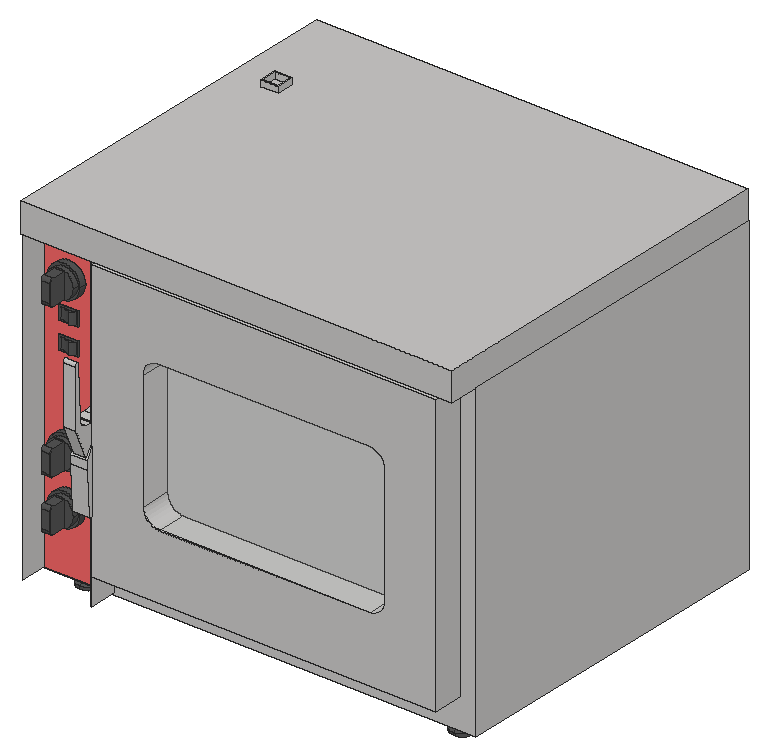
Revit family "ADB Ovens 706CT", category Equipement spécialisé, Revit 2022
Family settings
  Cote de connecteur circulaire = Utiliser le diamètre
  Type d'élément = Normal
  Numéro OmniClass = 23.40.40.14.17.11
  Titre OmniClass = Cookers, Ovens, Stoves
  Basée sur le plan de construction = Non
  Toujours verticalement = Oui
  Couper avec des vides une fois chargée = Non
  Conserver l'orientation des annotations = Non
  Partagée = Non
  Repère de localisation dans la pièce = Non
Parameters (values of type "CFE 706 CT")
  URL Cutsheet = "https://www.ambassade-de-bourgogne.com/fr/produits/fours/Resources/CFE-706-CT.pdf"
  URL = "https://www.ambassade-de-bourgogne.com/fr/produits/fours/Resources/CFE-706-CT.pdf"
  Plumbing Connection Type [instance] = if(Humidifier HU 706, "21/15", "")  # ""
  Electric Connection Type [instance] = "Bornier 40A"  # constant formula
  Item Number = ""
  Volts [instance] = 230 V  # constant formula
  Clearences [instance] = yes
  Base support SF 706 [instance] = no
  Specification by Manufacturer = ""
  Sans option [instance] = not(SF500)  # yes
  SF500 [instance] = or(Base support SF 706, [Shelves ECH700 + base support SF706])  # no
  Electrical Remarks [instance] = "230V(MONO) ou 400V(TRI)ou 400V(TRI sans neutre)"  # constant formula
  Electric power [instance] = 6000 W + if(Electric grill SG 706, 2850 W, 0 W)  # 6000 W
  Depth [instance] = 752 mm  # constant formula
  Porte standard [instance] = not(Door hinges inversion option)  # yes
  Humidifier HU 706 [instance] = no
  Electric grill SG 706 = no
  Encombrement Porte standard [instance] = and(Clearences, not(Door hinges inversion option))  # yes
  Door hinges inversion option [instance] = no
  Weight [instance] = 76.00 kg + if(or(Base support SF 706, [Shelves ECH700 + base support SF706]), 15.00 kg, 0.00 kg)  # 76.00 kg
  Phase [instance] = 1  # constant formula
  Number of Poles [instance] = Phase  # 1
  Modèle = "CFE 706 CT"
  Length [instance] = 750 mm  # constant formula
  Operational Current [instance] = Electric power / (Volts * sqrt(Phase))  # 26.087 A
  Ht Four = 639 mm  # constant formula
  Height [instance] = if(SF500, 1517 mm, 639 mm)  # 639 mm
  Cycle [instance] = 50 Hz  # constant formula
  Fabricant = "Société Industrielle de Lacanche"  # constant formula
  Encombrement Porte inversée [instance] = and(Clearences, Door hinges inversion option)  # no
  Default Elevation = 0 mm
  Shelves ECH700 + base support SF706 [instance] = no
  Décalage porte [instance] = if(Door hinges inversion option, 26 mm, 126 mm)  # 126 mm
  Décalage poignée [instance] = if(Door hinges inversion option, 654 mm, 126 mm)  # 126 mm
  Décalage commandes [instance] = if(Door hinges inversion option, Length, 121 mm)  # 121 mm
  Décalage boutons [instance] = if(Door hinges inversion option, 46.5 mm, 75 mm)  # 75 mm
  Cold Water Size [instance] = if(Humidifier HU 706, 21 mm, 0 mm)  # 0 mm
  Description = ""
  Connectors [instance] = yes
  Type Comments = ""
Reference planes
  plane 1 "Centre (avant/arrière)": y = 0
  plane 2: z = 0
  plane 3 "Centre (gauche/droite)": x = 0
  plane 4 "dessus": z = 639
  plane 5 "gauche": x = -375
  plane 6 "droite": x = 375
  plane 7 "avant": y = -376
  plane 8 "arrière": y = 376
  plane 9 "Bas Four": z = 0
  plane 10 "COMMANDE": x = -254
  plane 11: z = 22.5
  plane 12 "Elec X": x = -280
  plane 13 "ElecZ": z = 297
  plane 14 "pieds": x = -311
  plane 15 "Poignée": x = -249
  plane 16 "Boutons": x = -329
Forms (mm)
  Revolve 1, solid, material "ADB_Plastic-Black", visible <- "SF500", detail levels medium+fine
    sketch origin (2.85, -239, 0) x (-1, 0, 0) y (0, 0, -1)
      loop
        line (-308.15, -34) -> (-308.15, 0) -> (-337.65, 0) -> (-337.65, -5) -> (-334.277, -5)
        arc (-334.277, -5) -> (-330.265, -6.403) -> (-328, -10) r 6.44
        line (-328, -10) -> (-328, -22) -> (-332, -22) -> (-338.176, -28.176) -> (-338.3, -34) -> (-308.15, -34)
      axis (-308.15, -34) -> (-308.15, 0)
    angle from 0 to 360
  Extrusion 2, solid, material "ADB_Stainless Steel-Polished", visible <- "SF500", detail levels medium+fine
    sketch origin (0, 0, 0) x (1, 0, 0) y (0, 1, 0)
      loop
        circle (311, -239) r 30.15
      loop
        circle (311, 241.07) r 30.15
      loop
        circle (-311, -239.07) r 30.15
      loop
        circle (-311, 241) r 30.15
    from 34 to 894
  Extrusion 3, solid, material "ADB_Stainless Steel-Polished", visible <- "SF500", detail levels medium+fine
    sketch origin (0, 0, 0) x (1, 0, 0) y (0, 1, 0)
      loop
        line (309.757, -239) -> (310.442, 241.032) -> (-310.356, 240.367) -> (-311.043, -239) -> (309.757, -239)
    from 157.2 to 193.2
  Extrusion 4, solid, material "ADB_Stainless Steel-Polished", visible <- "SF500", detail levels medium+fine
    sketch origin (0, 0, 0) x (1, 0, 0) y (0, 1, 0)
      loop
        line (-311, 253.5) -> (-311, -251.5) -> (311, -251.5) -> (311, 253.5) -> (-311, 253.5)
    from 856 to 895.012
  Revolve 5, solid, material "ADB_Plastic-Black", visible <- "Sans option", detail levels medium+fine
    sketch origin (325, -65.5, 0) x (0, 1, 0) y (0, 0, 1)
      loop
        line (-200, 16.5) -> (-200, 11.5) -> (-201.75, 11.5) -> (-201.75, 9.2) -> (-210.5, 4) -> (-210.5, 0) -> (-190.5, 0) -> (-190.5, 22.5) -> (-194.5, 22.5) -> (-194.5, 16.5) -> (-200, 16.5)
      axis (-190.5, 0) -> (-190.5, 22.5)
    angle from 0 to 360
  Extrusion 6, solid, material "ADB_Stainless Steel-Polished", detail levels medium+fine
    sketch origin (375, 0, 0) x (0, 1, 0) y (0, 0, 1)
      loop
        line (300.963, 22.5) -> (300.963, 565.5) -> (-292, 565.5) -> (-292, 22.5) -> (300.963, 22.5)
    from -749 to 1
  Extrusion 7, solid, material "ADB_Stainless Steel-Polished", detail levels medium+fine
    sketch origin (375, 0, 0) x (0, 1, 0) y (0, 0, 1)
      loop
        line (-343, 615.5) -> (-343, 565.5) -> (301, 565.5) -> (301, 615.5) -> (-343, 615.5)
    from 0 to -750
  Extrusion 8, solid, material "ADB_Stainless Steel-Polished", detail levels medium+fine
    sketch origin (0, -376, 0) x (-1, 0, 0) y (0, 0, 1)
      loop
        line (249, 560.5) -> (-349, 560.5) -> (-349, 75.5) -> (249, 75.5) -> (249, 560.5)
      loop
        arc (-232.8, 448.089) -> (-252.033, 440.122) -> (-260, 420.889) r 27.2
        line (-260, 420.889) -> (-260, 215.482)
        arc (-260, 215.482) -> (-252.033, 196.249) -> (-232.8, 188.282) r 27.2
        line (-232.8, 188.282) -> (132.936, 188.282)
        arc (132.936, 188.282) -> (152.194, 196.259) -> (160.171, 215.518) r 27.235
        line (160.171, 215.518) -> (160.171, 420.778)
        arc (160.171, 420.778) -> (152.172, 440.09) -> (132.861, 448.089) r 27.311
        line (132.861, 448.089) -> (-232.8, 448.089)
    from 32 to 84
  Extrusion 9, solid, material "ADB_Stainless Steel-Polished", detail levels medium+fine
    sketch origin (-249, 0, 115) x (0, 0, -1) y (0, -1, 0)
      loop
        line (-129.5, 353.5) -> (-144.5, 353.5) -> (-168.309, 340) -> (-198.309, 340) -> (-199.477, 322.486) -> (-200, 312.5) -> (-49.5, 312.5) -> (-50.023, 322.486) -> (-54.5, 348.5) -> (-129.5, 353.5)
    from 0 to 30
  Extrusion 10, solid, material "ADB_Stainless Steel-Polished", detail levels medium+fine
    sketch origin (-249, 0, 115) x (0, 0, -1) y (0, -1, 0)
      loop
        line (-198.5, 375.028) -> (-298.5, 375.028)
        arc (-298.5, 375.028) -> (-302.405, 373.199) -> (-303.5, 369.028) r 5.083
        line (-303.5, 369.028) -> (-212.553, 365.852)
        arc (-212.553, 365.852) -> (-202.751, 361.742) -> (-198.133, 352.169) r 15
        line (-198.133, 352.169) -> (-197.069, 340) -> (-168.309, 340) -> (-147.094, 352.029) -> (-198.5, 375.028)
    from 4.5 to 25.5
  Extrusion 11, solid, material "ADB_Network_Electricity_Yellow", visible <- "Connectors", detail levels medium+fine
    sketch origin (235.887, 300.963, 565.5) x (0, 0, -1) y (-1, 0, 0)
      loop
        circle (268.5, 515.887) r 10
    from 0 to 10
  Extrusion 12, solid, detail levels coarse
    sketch origin (0, 0, 0) x (1, 0, 0) y (0, 1, 0)
      loop
        line (-375, 376) -> (-375, -376) -> (375, -376) -> (375, 376) -> (-375, 376)
    from 0 to 639 <- "Height"
  Revolve 13, solid, material "ADB_Plastic-Black", visible <- "SF500", detail levels medium+fine
    sketch origin (2.85, 241.07, 0) x (-1, 0, 0) y (0, 0, -1)
      loop
        line (-308.15, -34) -> (-308.15, 0) -> (-337.65, 0) -> (-337.65, -5) -> (-334.277, -5)
        arc (-334.277, -5) -> (-330.265, -6.403) -> (-328, -10) r 6.44
        line (-328, -10) -> (-328, -22) -> (-332, -22) -> (-338.176, -28.176) -> (-338.3, -34) -> (-308.15, -34)
      axis (-308.15, -34) -> (-308.15, 0)
    angle from 0 to 360
  Revolve 14, solid, material "ADB_Plastic-Black", visible <- "Sans option", detail levels medium+fine
    sketch origin (325, 361.5, 0) x (0, 1, 0) y (0, 0, 1)
      loop
        line (-127, 16.5) -> (-127, 11.5) -> (-128.75, 11.5) -> (-128.75, 9.2) -> (-137.5, 4) -> (-137.5, 0) -> (-117.5, 0) -> (-117.5, 22.5) -> (-121.5, 22.5) -> (-121.5, 16.5) -> (-127, 16.5)
      axis (-117.5, 0) -> (-117.5, 22.5)
    angle from 0 to 360
  Revolve 15, solid, material "ADB_Plastic-Black", visible <- "Sans option", detail levels medium+fine
    sketch origin (-324.875, -65.5, 0) x (0, 1, 0) y (0, 0, -1)
      loop
        line (-200, -16.5) -> (-194.5, -16.5) -> (-194.5, -22.5) -> (-190.5, -22.5) -> (-190.5, 0) -> (-210.5, 0) -> (-210.5, -4) -> (-201.75, -9.2) -> (-201.75, -11.5) -> (-200, -11.5) -> (-200, -16.5)
      axis (-190.5, 0) -> (-190.5, -22.5)
    angle from 0 to 360
  Revolve 16, solid, material "ADB_Plastic-Black", visible <- "Sans option", detail levels medium+fine
    sketch origin (-324.875, 361.5, 0) x (0, 1, 0) y (0, 0, -1)
      loop
        line (-127, -16.5) -> (-121.5, -16.5) -> (-121.5, -22.5) -> (-117.5, -22.5) -> (-117.5, 0) -> (-137.5, 0) -> (-137.5, -4) -> (-128.75, -9.2) -> (-128.75, -11.5) -> (-127, -11.5) -> (-127, -16.5)
      axis (-117.5, 0) -> (-117.5, -22.5)
    angle from 0 to 360
  Extrusion 17, solid, material "ADB_Stainless Steel-Polished", detail levels medium+fine
    sketch origin (0, 0, 0) x (-1, 0, 0) y (0, -1, 0)
      loop
        line (374, 292) -> (374, 339.8) -> (372.5, 339.8) -> (372.5, 294.5) -> (255.5, 294.5) -> (255.5, 339.8) -> (254, 339.8) -> (254, 292) -> (374, 292)
    from 25.5 to 565.561
  Extrusion 18, solid, material "ADB_Plastic-Black", detail levels fine
    sketch origin (-20, 0, 0) x (-1, 0, 0) y (0, -1, 0)
      loop
        line (292.526, 296.5) -> (292.526, 294.5) -> (324.526, 294.5) -> (324.526, 296.5) -> (292.526, 296.5)
    from 421 to 446
  Extrusion 19, solid, material "ADB_Plastic-Black", detail levels fine
    sketch origin (-20, 0, 0) x (-1, 0, 0) y (0, -1, 0)
      loop
        arc (321.026, 296.5) -> (310.901, 298.311) -> (302.03, 303.518) r 29.216
        arc (302.03, 303.518) -> (298.371, 300.571) -> (296.026, 296.5) r 12.769
        line (296.026, 296.5) -> (321.026, 296.5)
    from 424 to 443
  Extrusion 20, solid, material "ADB_Glass-Transparent", detail levels medium+fine
    sketch origin (0, -376, 0) x (-1, 0, 0) y (0, 0, 1)
      loop
        arc (-232.8, 448.089) -> (-252.033, 440.122) -> (-260, 420.889) r 27.2
        line (-260, 420.889) -> (-260, 215.482)
        arc (-260, 215.482) -> (-252.033, 196.249) -> (-232.8, 188.282) r 27.2
        line (-232.8, 188.282) -> (132.971, 188.282)
        arc (132.971, 188.282) -> (152.205, 196.249) -> (160.171, 215.482) r 27.2
        line (160.171, 215.482) -> (160.171, 420.889)
        arc (160.171, 420.889) -> (152.205, 440.122) -> (132.971, 448.089) r 27.2
        line (132.971, 448.089) -> (-232.8, 448.089)
    from 33 to 84
  Revolve 21, solid, material "ADB_Plastic-Black", detail levels medium+fine
    sketch origin (-311, 479.933, 0) x (0, 1, 0) y (0, 0, 1)
      loop
        line (-239, 34) -> (-239, 0) -> (-209.567, 0) -> (-209.567, 5) -> (-212.94, 5)
        arc (-212.94, 5) -> (-216.953, 6.403) -> (-219.217, 10) r 6.44
        line (-219.217, 10) -> (-219.217, 22) -> (-215.217, 22) -> (-209.041, 28.176) -> (-208.917, 34) -> (-239, 34)
      axis (-239, 34) -> (-239, 0)
    angle from 0 to 360
  Revolve 22, solid, material "ADB_Plastic-Black", detail levels medium+fine
    sketch origin (-311, -0.137, 0) x (0, 1, 0) y (0, 0, 1)
      loop
        line (-239, 34) -> (-239, 0) -> (-209.567, 0) -> (-209.567, 5) -> (-212.94, 5)
        arc (-212.94, 5) -> (-216.953, 6.403) -> (-219.217, 10) r 6.44
        line (-219.217, 10) -> (-219.217, 22) -> (-215.217, 22) -> (-209.041, 28.176) -> (-208.917, 34) -> (-239, 34)
      axis (-239, 34) -> (-239, 0)
    angle from 0 to 360
  Extrusion 23, solid, material "ADB_Stainless Steel-Polished", visible <- "Porte standard", detail levels medium+fine
    sketch origin (0, 0, 639) x (0, -1, 0) y (1, 0, 0)
      loop
        line (-140, -318.5) -> (-110, -318.5) -> (-110, -288.5) -> (-140, -288.5) -> (-140, -318.5)
      loop
        line (-138.5, -317) -> (-111.5, -317) -> (-111.5, -290) -> (-138.5, -290) -> (-138.5, -317)
    from -23.5 to -13
  Extrusion 24, solid, material "ADB_Plastic-Black", detail levels fine
    sketch origin (0, 0, 0) x (-1, 0, 0) y (0, -1, 0)
      loop
        line (312.526, 296.5) -> (312.526, 294.5) -> (344.526, 294.5) -> (344.526, 296.5) -> (312.526, 296.5)
    from 374 to 399
  Extrusion 25, solid, material "ADB_Plastic-Black", detail levels fine
    sketch origin (0, 0, 0) x (-1, 0, 0) y (0, -1, 0)
      loop
        arc (341.026, 296.5) -> (330.901, 298.311) -> (322.03, 303.518) r 29.216
        arc (322.03, 303.518) -> (318.371, 300.571) -> (316.026, 296.5) r 12.769
        line (316.026, 296.5) -> (341.026, 296.5)
    from 377 to 396
  Sweep 26, solid, material "ADB_Stainless Steel-Polished", visible <- "Shelves ECH700 + base support SF706", detail levels medium+fine
    path origin (0, -265.559, 0) x (1, 0, 0) y (0, 0, 1)
      loop
        line (-166.5, 14.057) -> (-166.5, -488.75)
        arc (-166.5, -488.75) -> (-158.812, -507.312) -> (-140.25, -515) r 26.25
        line (-140.25, -515) -> (140.25, -515)
        arc (140.25, -515) -> (158.812, -507.312) -> (166.5, -488.75) r 26.25
        line (166.5, -488.75) -> (166.5, 14)
    profile origin (-166.5, -265.559, -237.346) x (0, -1, 0) y (1, 0, 0)
      loop
        circle (0, -10.5) r 10.5
  Sweep 27, solid, material "ADB_Stainless Steel-Polished", visible <- "Shelves ECH700 + base support SF706", detail levels medium+fine
    path origin (0, 267.503, 0) x (1, 0, 0) y (0, 0, 1)
      loop
        line (-166, 14.057) -> (-166, -488.75)
        arc (-166, -488.75) -> (-158.312, -507.312) -> (-139.75, -515) r 26.25
        line (-139.75, -515) -> (140.25, -515)
        arc (140.25, -515) -> (158.812, -507.312) -> (166.5, -488.75) r 26.25
        line (166.5, -488.75) -> (166.5, 14)
    profile origin (-166, 267.503, -237.346) x (0, -1, 0) y (1, 0, 0)
      loop
        circle (0, -10.5) r 10.5
  Extrusion 28, solid, material "ADB_Stainless Steel-Polished", visible <- "Door hinges inversion option", detail levels medium+fine
    sketch origin (0, 0, 639) x (0, 1, 0) y (-1, 0, 0)
      loop
        line (140, -318.5) -> (140, -288.5) -> (110, -288.5) -> (110, -318.5) -> (140, -318.5)
      loop
        line (138.5, -317) -> (138.5, -290) -> (111.5, -290) -> (111.5, -317) -> (138.5, -317)
    from -23.5 to -13
  Extrusion 29, solid, material "ADB_Stainless Steel-Polished", visible <- "Porte standard", detail levels medium+fine
    sketch origin (0, 0, 639) x (0, -1, 0) y (1, 0, 0)
      loop
        line (-376, 159) -> (-376, -58.998) -> (-300.963, -58.998) -> (-300.963, 159) -> (-376, 159)
    from -566.2 to -227.8
  Extrusion 30, solid, material "ADB_Stainless Steel-Polished", visible <- "Door hinges inversion option", detail levels medium+fine
    sketch origin (0, 0, 639) x (0, 1, 0) y (-1, 0, 0)
      loop
        line (376, 159) -> (300.963, 159) -> (300.963, -58.998) -> (376, -58.998) -> (376, 159)
    from -566.2 to -227.8
  Extrusion 31, solid, material "ADB_Network_Cold_water_Blue", visible <- "Humidifier HU 706", detail levels medium+fine
    sketch origin (375, 300.963, 565.5) x (0, 0, -1) y (-1, 0, 0)
      loop
        circle (103.5, 684) r 10.5
    from 0 to 10
Cuts and joins
  joined: Extrusion 2, Extrusion 3, Extrusion 4
Lines and regions (mm)
  symbolic lines, style "SpecialityEquipmentHiddenLines", visible <- "Encombrement Porte standard"
    curve 1: line (349, -342, 0) -> (349, -940, 0)
    curve 2: arc (349, -940, 0) -> (-73.85, -764.85, 0) -> (-249, -342, 0) r 598
  symbolic lines, style "SpecialityEquipmentHiddenLines", visible <- "Encombrement Porte inversée"
    curve 3: line (-349, -344, 639) -> (-349, -942, 639)
    curve 4: arc (-349, -942, 639) -> (73.85, -766.85, 639) -> (249, -344, 639) r 598
Dimensions and locks
  "Height": plane 4 "dessus" to plane 2
  equal spacing: plane 5 "gauche", plane 3 "Centre (gauche/droite)", plane 6 "droite"
  "Length": plane 5 "gauche" to plane 6 "droite"
  equal spacing: plane 8 "arrière", plane 1 "Centre (avant/arrière)", plane 7 "avant"
  "Depth": plane 8 "arrière" to plane 7 "avant"
  "Ht Four": plane 4 "dessus" to plane 9 "Bas Four"
  locked: Extrusion 6 to plane 5 "gauche" at 1
  "Décalage porte": Extrusion 8 sketch curve to plane 5 "gauche"
  "Décalage commandes": plane 10 "COMMANDE" to plane 5 "gauche"
  locked: plane 9 "Bas Four" to plane 11 at 22.5
  locked: plane 6 "droite" to plane 12 "Elec X" at 655
  locked: plane 9 "Bas Four" to plane 13 "ElecZ" at 297
  Extrusion 17 sketch curve to Extrusion 17 sketch curve to plane 10 "COMMANDE" = 1.5 mm locked, 118.5 mm
  locked: Extrusion 8 sketch curve to Extrusion 8 sketch curve at 88.829
  Extrusion 8 sketch curve to Extrusion 8 sketch curve to Extrusion 8 sketch curve = 420.171 mm locked, 89 mm locked
  Revolve 1 sketch curve to Revolve 1 sketch curve to Revolve 1 sketch curve to Revolve 1 sketch curve to plane 2 = 5.824 mm locked, 6.176 mm locked, 12 mm locked, 10 mm locked
  Revolve 13 sketch curve to Revolve 13 sketch curve to Revolve 13 sketch curve to Revolve 13 sketch curve to plane 2 = 5.824 mm locked, 6.176 mm locked, 12 mm locked, 10 mm locked
  locked: plane 5 "gauche" to plane 14 "pieds" at 64
  "Décalage poignée": plane 15 "Poignée" to plane 5 "gauche"
  Extrusion 18 sketch curve to plane 16 "Boutons" to Extrusion 18 sketch curve = 15.526 mm locked, 16.474 mm locked
  Extrusion 19 sketch curve to plane 16 "Boutons" to Extrusion 19 sketch curve to Extrusion 19 sketch curve = 12.026 mm locked, 6.97 mm locked, 6.005 mm locked
  locked: Extrusion 8 to Extrusion 20 sketch curve at 88.829
  locked: Extrusion 20 sketch curve to Extrusion 20 sketch curve at 420.171
  Extrusion 24 sketch curve to plane 16 "Boutons" to Extrusion 24 sketch curve = 15.526 mm locked, 16.474 mm locked
  Extrusion 25 sketch curve to plane 16 "Boutons" to Extrusion 25 sketch curve to Extrusion 25 sketch curve = 12.026 mm locked, 6.97 mm locked, 6.005 mm locked
  "Décalage boutons": plane 10 "COMMANDE" to plane 16 "Boutons"
  plane 5 "gauche" to Extrusion 23 sketch curve to Extrusion 23 sketch curve = 56.5 mm locked, 30 mm locked
  Extrusion 28 sketch curve to Extrusion 28 sketch curve to plane 6 "droite" = 30 mm locked, 56.5 mm locked
  Sweep 26 sketch curve to plane 9 "Bas Four" to Sweep 26 sketch curve = 14.057 mm locked, 515 mm locked
  locked: Sweep 26 sketch curve to plane 9 "Bas Four" at 14
  Sweep 27 sketch curve to plane 9 "Bas Four" to Sweep 27 sketch curve = 14.057 mm locked, 515 mm locked
  locked: Sweep 27 sketch curve to plane 9 "Bas Four" at 14
  Sweep 26 sketch curve to plane 3 "Centre (gauche/droite)" to Sweep 26 sketch curve = 166.5 mm locked, 166.5 mm locked
  Sweep 27 sketch curve to plane 3 "Centre (gauche/droite)" to Sweep 27 sketch curve = 166.5 mm locked, 166 mm locked
  Extrusion 8 sketch curve to Extrusion 8 sketch curve to plane 11 = 259.806 mm locked, 165.782 mm locked
  Extrusion 20 sketch curve to Extrusion 20 sketch curve to plane 11 = 259.806 mm locked, 165.782 mm locked
  locked: plane 6 "droite" to Extrusion 31 sketch curve at 684
  locked: plane 9 "Bas Four" to Extrusion 31 sketch curve at 462
  Extrusion 29 sketch curve to plane 3 "Centre (gauche/droite)" to Extrusion 29 sketch curve = 58.998 mm locked, 159 mm locked
  Extrusion 30 sketch curve to plane 3 "Centre (gauche/droite)" to Extrusion 30 sketch curve = 159 mm locked, 58.998 mm locked
  radius of Extrusion 8 sketch curve = 27.2 mm  (x2)
  radius of Extrusion 8 sketch curve = 27.311 mm
  radius of Extrusion 8 sketch curve = 27.235 mm
  radius of Extrusion 19 sketch curve = 29.216 mm
  radius of Extrusion 19 sketch curve = 12.769 mm
  radius of Extrusion 20 sketch curve = 27.2 mm  (x4)
  radius of Extrusion 25 sketch curve = 29.216 mm
  radius of Extrusion 25 sketch curve = 12.769 mm
  aligned and locked: level to plane 2
  aligned and locked: Extrusion 7 to plane 5 "gauche"
  aligned and locked: Extrusion 11 to plane 12 "Elec X"
  aligned and locked: Extrusion 11 sketch curve to plane 13 "ElecZ"
  aligned and locked: Extrusion 11 sketch curve to plane 12 "Elec X"
  aligned and locked: Extrusion 8 to curve 2
  aligned and locked: nested 2 to plane 16 "Boutons"
  aligned and locked: nested 3 to plane 16 "Boutons"
  aligned and locked: nested 4 to plane 16 "Boutons"
Automatic sketch dimensions
  Revolve 1 sketch curve to level = 0 mm  (x2)
  Revolve 1 sketch curve to plane 6 "droite" = 33.85 mm
  Revolve 1 sketch curve to Revolve 1 sketch curve = 0.124 mm
  level to Revolve 1 sketch curve = 5 mm
  Revolve 1 sketch curve to Revolve 1 sketch curve = 0.526 mm
  Revolve 1 sketch curve to Revolve 1 sketch curve = 3.373 mm
  Revolve 1 sketch curve to Revolve 1 sketch curve = 6.176 mm
  Revolve 1 sketch curve to Revolve 1 sketch curve = 4 mm
  Revolve 1 sketch curve to Revolve 1 sketch curve = 19.85 mm
  Revolve 1 sketch curve to Revolve 1 sketch curve = 0 mm  (x2)
  Extrusion 2 sketch curve to Extrusion 2 sketch curve = 0 mm  (x4)
  Extrusion 2 sketch curve to plane 14 "pieds" = 0 mm  (x2)
  Extrusion 2 sketch curve to plane 6 "droite" = 64 mm  (x2)
  plane 7 "avant" to Extrusion 2 sketch curve = 136.93 mm
  plane 7 "avant" to Extrusion 2 sketch curve = 137 mm
  Extrusion 2 sketch curve to plane 8 "arrière" = 135 mm
  Extrusion 2 sketch curve to plane 8 "arrière" = 134.93 mm
  Extrusion 2 sketch curve to Extrusion 2 sketch curve = 30.15 mm  (x2)
  Extrusion 3 sketch curve to plane 14 "pieds" = 0.043 mm
  plane 14 "pieds" to Extrusion 3 sketch curve = 0.644 mm
  Extrusion 3 sketch curve to plane 6 "droite" = 65.243 mm
  Extrusion 3 sketch curve to plane 6 "droite" = 64.558 mm
  plane 7 "avant" to Extrusion 3 sketch curve = 137 mm
  Extrusion 3 sketch curve to plane 8 "arrière" = 135.633 mm
  Extrusion 3 sketch curve to plane 8 "arrière" = 134.968 mm
  plane 14 "pieds" to Extrusion 4 sketch curve = 0 mm
  Extrusion 4 sketch curve to plane 6 "droite" = 64 mm
  plane 7 "avant" to Extrusion 4 sketch curve = 124.5 mm
  Extrusion 4 sketch curve to plane 8 "arrière" = 122.5 mm
  level to Revolve 5 sketch curve = 0 mm
  plane 7 "avant" to Revolve 5 sketch curve = 100 mm
  Revolve 5 sketch curve to Revolve 5 sketch curve = 8.75 mm
  Revolve 5 sketch curve to Revolve 5 sketch curve = 1.75 mm
  Revolve 5 sketch curve to plane 11 = 0 mm
  Revolve 5 sketch curve to Revolve 5 sketch curve = 5.5 mm
  Revolve 5 sketch curve to Revolve 5 sketch curve = 4 mm  (x2)
  level to Revolve 5 sketch curve = 9.2 mm
  Revolve 5 sketch curve to Revolve 5 sketch curve = 2.3 mm
  Revolve 5 sketch curve to Revolve 5 sketch curve = 5 mm
  Revolve 5 sketch curve to Revolve 5 sketch curve = 0 mm  (x3)
  plane 11 to Extrusion 6 sketch curve = 0 mm
  plane 7 "avant" to Extrusion 6 sketch curve = 84 mm
  Extrusion 6 sketch curve to plane 8 "arrière" = 75.037 mm
  plane 4 "dessus" to Extrusion 6 sketch curve = 73.5 mm
  plane 7 "avant" to Extrusion 7 sketch curve = 33 mm
  Extrusion 7 sketch curve to plane 8 "arrière" = 75 mm
  plane 4 "dessus" to Extrusion 7 sketch curve = 73.5 mm
  plane 4 "dessus" to Extrusion 7 sketch curve = 23.5 mm
  plane 13 "ElecZ" to Extrusion 9 sketch curve = 18 mm
  Extrusion 9 sketch curve to Extrusion 9 sketch curve = 0.523 mm  (x2)
  plane 13 "ElecZ" to Extrusion 9 sketch curve = 16.309 mm
  Extrusion 9 sketch curve to plane 13 "ElecZ" = 13.691 mm
  Extrusion 9 sketch curve to Extrusion 9 sketch curve = 23.809 mm
  plane 7 "avant" to Extrusion 9 sketch curve = 22.5 mm
  Extrusion 9 sketch curve to Extrusion 9 sketch curve = 15 mm
  plane 7 "avant" to Extrusion 9 sketch curve = 27.5 mm
  Extrusion 9 sketch curve to Extrusion 9 sketch curve = 75 mm
  plane 7 "avant" to Extrusion 9 sketch curve = 53.514 mm
  Extrusion 9 sketch curve to Extrusion 9 sketch curve = 4.477 mm
  plane 7 "avant" to Extrusion 9 sketch curve = 63.5 mm
  Extrusion 9 sketch curve to Extrusion 9 sketch curve = 9.986 mm
  Extrusion 9 sketch curve to Extrusion 9 sketch curve = 13.5 mm
  plane 7 "avant" to Extrusion 10 sketch curve = 6.972 mm
  plane 13 "ElecZ" to Extrusion 10 sketch curve = 121.5 mm
  plane 7 "avant" to Extrusion 10 sketch curve = 0.972 mm
  Extrusion 10 sketch curve to Extrusion 10 sketch curve = 5 mm
  plane 13 "ElecZ" to Extrusion 10 sketch curve = 31.076 mm
  plane 7 "avant" to Extrusion 10 sketch curve = 10.148 mm
  Extrusion 10 sketch curve to Extrusion 10 sketch curve = 0.523 mm
  plane 13 "ElecZ" to Extrusion 10 sketch curve = 16.5 mm
  Extrusion 10 sketch curve to Extrusion 10 sketch curve = 14.943 mm
  Extrusion 10 sketch curve to Extrusion 10 sketch curve = 1.065 mm
  Extrusion 10 sketch curve to plane 13 "ElecZ" = 13.691 mm
  Extrusion 10 sketch curve to Extrusion 10 sketch curve = 21.215 mm
  Extrusion 10 sketch curve to Extrusion 10 sketch curve = 13.684 mm
  plane 7 "avant" to Extrusion 10 sketch curve = 23.971 mm
  Extrusion 10 sketch curve to Extrusion 10 sketch curve = 12.029 mm
  Extrusion 12 sketch curve to plane 5 "gauche" = 0 mm
  Extrusion 12 sketch curve to plane 6 "droite" = 0 mm
  Extrusion 12 sketch curve to plane 7 "avant" = 0 mm
  Extrusion 12 sketch curve to plane 8 "arrière" = 0 mm
  Revolve 13 sketch curve to level = 0 mm  (x2)
  Revolve 13 sketch curve to plane 6 "droite" = 33.85 mm
  Revolve 13 sketch curve to Revolve 13 sketch curve = 0.124 mm
  level to Revolve 13 sketch curve = 5 mm
  Revolve 13 sketch curve to Revolve 13 sketch curve = 0.526 mm
  Revolve 13 sketch curve to Revolve 13 sketch curve = 3.373 mm
  Revolve 13 sketch curve to Revolve 13 sketch curve = 6.176 mm
  Revolve 13 sketch curve to Revolve 13 sketch curve = 4 mm
  Revolve 13 sketch curve to Revolve 13 sketch curve = 19.85 mm
  Revolve 13 sketch curve to Revolve 13 sketch curve = 0 mm  (x2)
  Revolve 14 sketch curve to level = 0 mm  (x2)
  plane 11 to Revolve 14 sketch curve = 0 mm  (x2)
  Revolve 14 sketch curve to plane 8 "arrière" = 152 mm
  Revolve 14 sketch curve to Revolve 14 sketch curve = 8.75 mm
  Revolve 14 sketch curve to Revolve 14 sketch curve = 1.75 mm
  Revolve 14 sketch curve to Revolve 14 sketch curve = 5.5 mm
  Revolve 14 sketch curve to Revolve 14 sketch curve = 4 mm
  level to Revolve 14 sketch curve = 4 mm
  level to Revolve 14 sketch curve = 9.2 mm
  Revolve 14 sketch curve to Revolve 14 sketch curve = 2.3 mm
  Revolve 14 sketch curve to Revolve 14 sketch curve = 5 mm
  Revolve 14 sketch curve to Revolve 14 sketch curve = 0 mm
  Revolve 15 sketch curve to level = 0 mm  (x2)
  plane 11 to Revolve 15 sketch curve = 0 mm  (x2)
  plane 7 "avant" to Revolve 15 sketch curve = 100 mm
  Revolve 15 sketch curve to Revolve 15 sketch curve = 8.75 mm
  Revolve 15 sketch curve to Revolve 15 sketch curve = 1.75 mm
  Revolve 15 sketch curve to Revolve 15 sketch curve = 5.5 mm
  Revolve 15 sketch curve to Revolve 15 sketch curve = 4 mm
  Revolve 15 sketch curve to Revolve 15 sketch curve = 6 mm
  Revolve 15 sketch curve to Revolve 15 sketch curve = 5 mm
  Revolve 15 sketch curve to Revolve 15 sketch curve = 2.3 mm
  level to Revolve 15 sketch curve = 4 mm
  Revolve 15 sketch curve to Revolve 15 sketch curve = 0 mm
  Revolve 16 sketch curve to level = 0 mm
  Revolve 16 sketch curve to plane 8 "arrière" = 152 mm
  Revolve 16 sketch curve to Revolve 16 sketch curve = 8.75 mm
  Revolve 16 sketch curve to Revolve 16 sketch curve = 1.75 mm
  plane 11 to Revolve 16 sketch curve = 0 mm
  Revolve 16 sketch curve to Revolve 16 sketch curve = 5.5 mm
  Revolve 16 sketch curve to Revolve 16 sketch curve = 4 mm
  Revolve 16 sketch curve to Revolve 16 sketch curve = 6 mm
  Revolve 16 sketch curve to Revolve 16 sketch curve = 5 mm
  Revolve 16 sketch curve to Revolve 16 sketch curve = 2.3 mm
  level to Revolve 16 sketch curve = 4 mm
  Revolve 16 sketch curve to Revolve 16 sketch curve = 0 mm  (x3)
  Extrusion 17 sketch curve to plane 10 "COMMANDE" = 0 mm
  Extrusion 17 sketch curve to Extrusion 17 sketch curve = 1.5 mm
  plane 7 "avant" to Extrusion 17 sketch curve = 84 mm
  Extrusion 17 sketch curve to Extrusion 17 sketch curve = 2.5 mm
  plane 7 "avant" to Extrusion 17 sketch curve = 36.2 mm  (x2)
  plane 7 "avant" to Extrusion 18 sketch curve = 81.5 mm
  Extrusion 18 sketch curve to Extrusion 18 sketch curve = 2 mm
  plane 7 "avant" to Extrusion 19 sketch curve = 83.731 mm
  curve 2 to plane 6 "droite" = 26 mm
  curve 1 to plane 6 "droite" = 26 mm
  plane 7 "avant" to curve 2 = 34 mm
  curve 2 to curve 1 = 0 mm
  Revolve 21 sketch curve to level = 0 mm  (x2)
  Revolve 21 sketch curve to plane 11 = 11.5 mm
  Revolve 21 sketch curve to plane 8 "arrière" = 135.067 mm
  level to Revolve 21 sketch curve = 10 mm
  Revolve 21 sketch curve to Revolve 21 sketch curve = 19.783 mm
  plane 11 to Revolve 21 sketch curve = 0.5 mm
  Revolve 21 sketch curve to Revolve 21 sketch curve = 4 mm
  Revolve 21 sketch curve to Revolve 21 sketch curve = 6.277 mm
  Revolve 21 sketch curve to Revolve 21 sketch curve = 3.373 mm
  Revolve 21 sketch curve to plane 11 = 5.676 mm
  Revolve 21 sketch curve to Revolve 21 sketch curve = 6.176 mm
  Revolve 21 sketch curve to Revolve 21 sketch curve = 0.124 mm
  level to Revolve 21 sketch curve = 5 mm
  Revolve 21 sketch curve to Revolve 21 sketch curve = 0 mm  (x2)
  Revolve 22 sketch curve to level = 0 mm  (x2)
  Revolve 22 sketch curve to plane 11 = 11.5 mm
  plane 7 "avant" to Revolve 22 sketch curve = 136.863 mm
  level to Revolve 22 sketch curve = 10 mm
  Revolve 22 sketch curve to Revolve 22 sketch curve = 19.783 mm
  plane 11 to Revolve 22 sketch curve = 0.5 mm
  Revolve 22 sketch curve to Revolve 22 sketch curve = 4 mm
  Revolve 22 sketch curve to Revolve 22 sketch curve = 6.277 mm
  Revolve 22 sketch curve to Revolve 22 sketch curve = 3.373 mm
  Revolve 22 sketch curve to plane 11 = 5.676 mm
  Revolve 22 sketch curve to Revolve 22 sketch curve = 6.176 mm
  Revolve 22 sketch curve to Revolve 22 sketch curve = 0.124 mm
  level to Revolve 22 sketch curve = 5 mm
  Revolve 22 sketch curve to Revolve 22 sketch curve = 0 mm  (x2)
  Extrusion 23 sketch curve to plane 1 "Centre (avant/arrière)" = 140 mm
  Extrusion 23 sketch curve to Extrusion 23 sketch curve = 1.5 mm  (x3)
  Extrusion 23 sketch curve to plane 14 "pieds" = 6 mm
  Extrusion 23 sketch curve to Extrusion 23 sketch curve = 27 mm
  plane 7 "avant" to Extrusion 24 sketch curve = 81.5 mm
  Extrusion 24 sketch curve to Extrusion 24 sketch curve = 2 mm
  plane 7 "avant" to Extrusion 25 sketch curve = 83.731 mm
  Sweep 27 sketch curve to plane 12 "Elec X" = 140.25 mm
  Sweep 27 sketch curve to Sweep 27 sketch curve = 26.25 mm
  profile plane to Sweep 27 sketch curve = 0 mm
  profile plane to Sweep 27 sketch curve = 10.5 mm
  Extrusion 28 sketch curve to plane 1 "Centre (avant/arrière)" = 110 mm
  Extrusion 28 sketch curve to Extrusion 28 sketch curve = 1.5 mm  (x4)
  Extrusion 28 sketch curve to Extrusion 28 sketch curve = 27 mm
  Extrusion 29 sketch curve to plane 8 "arrière" = 0 mm
  Extrusion 29 sketch curve to plane 8 "arrière" = 75.037 mm
  Extrusion 30 sketch curve to plane 8 "arrière" = 0 mm
  Extrusion 30 sketch curve to Extrusion 30 sketch curve = 75.037 mm
  profile plane to Sweep 26 sketch curve = 0 mm
  profile plane to Sweep 26 sketch curve = 10.5 mm
  Sweep 26 sketch curve to plane 12 "Elec X" = 139.75 mm
  Sweep 26 sketch curve to Sweep 26 sketch curve = 26.25 mm
  plane 7 "avant" to curve 4 = 32 mm
  plane 5 "gauche" to curve 3 = 26 mm
  curve 3 to plane 7 "avant" = 566 mm
  curve 4 to curve 3 = 0 mm  (x2)
  Extrusion 8 sketch curve to plane 11 = 53 mm
  plane 4 "dessus" to Extrusion 8 sketch curve = 78.5 mm
  radius of Extrusion 2 sketch curve = 30.15 mm  (x2)
  radius of Extrusion 11 sketch curve = 10 mm
  radius of Sweep 27 sketch curve = 10.5 mm
  radius of Sweep 26 sketch curve = 10.5 mm
  radius of Extrusion 31 sketch curve = 10.5 mm
Nested families
  nested 1: "ECH 700" at (-166.5, -2.694, 484), visible <- "Shelves ECH700 + base support SF706", type "ECH 700", detail levels medium+fine
  nested 2: "Bouton" at (-329, -294.5, 490.677) x (-1, 0, 0) z (0, -1, 0), type "Bouton"
  nested 3: "Bouton" at (-329, -294.5, 225.052) x (-1, 0, 0) z (0, -1, 0), type "Bouton"
  nested 4: "Bouton" at (-329, -294.5, 135.364) x (-1, 0, 0) z (0, -1, 0), type "Bouton"
  nested 5: "ECH 700" at (166.5, -2.694, 484) x (-1, 0, 0) z (0, 0, 1), visible <- "Shelves ECH700 + base support SF706", type "ECH 700", detail levels medium+fine
  nested 6: "ECH 700" at (-166.5, -2.694, 564), visible <- "Shelves ECH700 + base support SF706", type "ECH 700", detail levels medium+fine
  nested 7: "ECH 700" at (166.5, -2.694, 564) x (-1, 0, 0) z (0, 0, 1), visible <- "Shelves ECH700 + base support SF706", type "ECH 700", detail levels medium+fine
  nested 8: "ECH 700" at (-166.5, -2.694, 644), visible <- "Shelves ECH700 + base support SF706", type "ECH 700", detail levels medium+fine
  nested 9: "ECH 700" at (166.5, -2.694, 644) x (-1, 0, 0) z (0, 0, 1), visible <- "Shelves ECH700 + base support SF706", type "ECH 700", detail levels medium+fine
  nested 10: "ECH 700" at (-166.5, -2.694, 724), visible <- "Shelves ECH700 + base support SF706", type "ECH 700", detail levels medium+fine
  nested 11: "ECH 700" at (166.5, -2.694, 724) x (-1, 0, 0) z (0, 0, 1), visible <- "Shelves ECH700 + base support SF706", type "ECH 700", detail levels medium+fine
  nested 12: "ECH 700" at (-166.5, -2.694, 804), visible <- "Shelves ECH700 + base support SF706", type "ECH 700", detail levels medium+fine
  nested 13: "ECH 700" at (166.5, -2.694, 804) x (-1, 0, 0) z (0, 0, 1), visible <- "Shelves ECH700 + base support SF706", type "ECH 700", detail levels medium+fine
  nested 14: "ECH 700" at (-166.5, -2.694, 404), visible <- "Shelves ECH700 + base support SF706", type "ECH 700", detail levels medium+fine
  nested 15: "ECH 700" at (166.5, -2.694, 404) x (-1, 0, 0) z (0, 0, 1), visible <- "Shelves ECH700 + base support SF706", type "ECH 700", detail levels medium+fine
Connectors
  electrical at (-280, 300.963, 297), driven by "Number of Poles", driven by "Volts", driven by "Electric power"
    settings: on Extrusion 11, index 1, voltage 230 V, apparent load 6000 VA, apparent load phase1 0 VA, apparent load phase2 0 VA, apparent load phase3 0 VA, power factor 1, load classification "Autre", number of poles 1, system type 30, power factor state 1, is connector primary yes, connector utility no, sub classification motor no, connector description ""
  piping at (-309, 300.963, 462), diameter 21
    settings: on Extrusion 31, index 2, connector inside diameter 609.6 mm, connector length 0 mm, flow factor 0, pipe flow 0.0 L/s, pressure drop 0.0 Pa, fitting loss kfactor 0, connector angle 0.00°, fixture units 0, engagement length 0 mm, angle of deflection 0.00°, flow configuration 0, flow direction 0, fitting loss method 0, system type 29, joint type 0, gender type 0, connector reference index -1, connector utility 0, adjustable connector no, is connector primary yes, connector description "Eau froide pour option humidicateur HU 706"
Definition of nested family "ECH 700"
  Parameters (values of type "ECH 700")
    Default Elevation = 0 mm
  Reference planes
    plane 1 "Centre (avant/arrière)": y = 0
    plane 2: z = 0
    plane 3 "Centre (gauche/droite)": x = 0
  Forms (mm)
    Extrusion 1, solid, detail levels medium+fine
      sketch origin (166.5, -376, -404) x (-1, 0, 0) y (0, 0, 1)
        loop
          line (166.5, 434) -> (165, 434) -> (165, 405.5) -> (152.5, 405.5) -> (152.5, 404) -> (166.5, 404) -> (166.5, 434)
      from 107 to 647
  Dimensions and locks
    aligned and locked: level to plane 2
Definition of nested family "Bouton"
  Parameters (values of type "Bouton")
    Matériau base bouton = none
    Default Elevation = 1219.2 mm
  Reference planes
    plane 1 "Centre (avant/arrière)": y = 0
    plane 2: z = 0
    plane 3 "Centre (gauche/droite)": x = 0
  Forms (mm)
    Extrusion 1, solid
      sketch origin (0, 0, 0) x (1, 0, 0) y (0, 1, 0)
        loop
          line (-1219.2, 1219.2) -> (-1219.2, -1219.2) -> (1219.2, -1219.2) -> (1219.2, 1219.2) -> (-1219.2, 1219.2)
      from 0 to -304.8
    Extrusion 2, solid, material <- "Matériau base bouton", detail levels fine
      sketch origin (0, 0, 0) x (1, 0, 0) y (0, 1, 0)
        loop
          circle (0, 0) r 28.5
      from 0 to 11.5
    Extrusion 3, solid, detail levels fine
      sketch origin (0, 0, 0) x (1, 0, 0) y (0, 1, 0)
        loop
          circle (0, 0) r 24.1
      from 11.5 to 20.5
    Extrusion 4, solid, detail levels fine
      sketch origin (0, 0, 0) x (1, 0, 0) y (0, 0, 1)
        loop
          line (-8.082, 20.5) -> (8.082, 20.5) -> (7.58, 49.253)
          arc (7.58, 49.253) -> (6.684, 51.34) -> (4.581, 52.2) r 3
          line (4.581, 52.2) -> (-4.581, 52.2)
          arc (-4.581, 52.2) -> (-6.684, 51.34) -> (-7.58, 49.253) r 3
          line (-7.58, 49.253) -> (-8.082, 20.5)
      from -22.082 to 22.162
    Extrusion 5, void
      sketch origin (0, 0, 0) x (0, 1, 0) y (0, 0, 1)
        loop
          line (-15.762, 50.701) -> (15.682, 50.701)
          arc (15.682, 50.701) -> (20.208, 48.826) -> (22.082, 44.301) r 6.4
          line (22.082, 44.301) -> (22.082, 41.701) -> (24.232, 41.701) -> (24.232, 54.688) -> (-24.768, 54.688) -> (-24.768, 41.701) -> (-22.162, 41.701) -> (-22.162, 44.301)
          arc (-22.162, 44.301) -> (-20.287, 48.826) -> (-15.762, 50.701) r 6.4
      from -15.908 to 13.709
  Cuts and joins
    Extrusion 5 cuts Extrusion 4
  Lines and regions (mm)
    symbolic lines, detail levels fine
      curve 1: line (0, -28.5, 0) -> (0, 28.5, 0)
  Dimensions and locks
    aligned and locked: plane 2 to Extrusion 1
    aligned and locked: level to Extrusion 1
